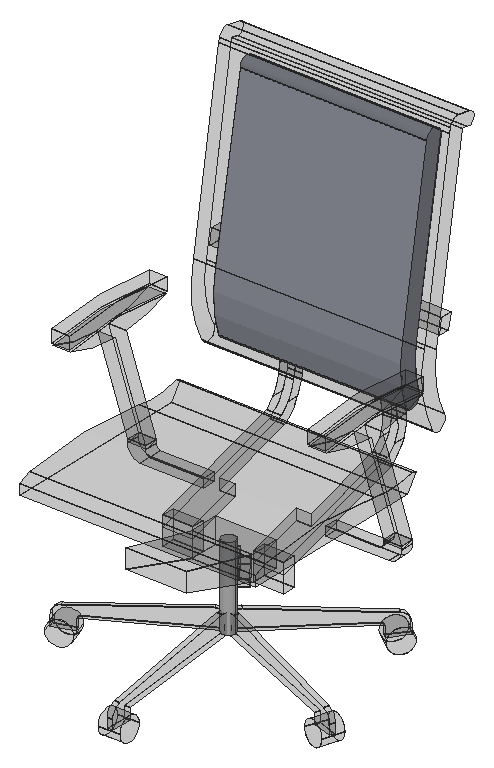
Revit family
Parameters (values of type "지하4층 지휘통제실 의자")
  Assembly Code = ""
  알루미늄 = 알루미늄
  베이스/Armd 재료 = 플라스틱 - 검은색
  캐스터 재료 = 플라스틱 - 검은색
  좌석/뒷면 재료 = 직물 - 슬레이트
  바닥 [instance] = 130.00 mm
Reference planes
  plane 1 "중심(앞/뒤)": y = 147.9
  plane 2: z = 0
  plane 3: y = 490.8
  plane 4: y = -195
  plane 5: through (0, -131.752, -23.231) normal (0, -0.9848, -0.1736)
Forms (mm)
  Extrusion 1, solid, material "플라스틱 - 검은색" <- "베이스/Armd 재료"
    sketch origin (249.309, 166.846, 0.216) x (0, 1, 0) y (0, 0, 1)
      loop
        line (-38.48, 275.253) -> (-227.688, 322.427) -> (-227.688, 277.631) -> (-36.347, 215.461) -> (31.079, 215.461) -> (31.079, 275.253) -> (-38.48, 275.253)
    from -20 to 121.6
  Extrusion 2, solid, material "플라스틱 - 검은색" <- "캐스터 재료"
    sketch origin (300.109, 166.846, 0) x (0, -1, 0) y (0, 0, 1)
      loop
        circle (336.446, 28.184) r 28.2
    from 25.4 to -25.4
  Extrusion 3, solid, material "플라스틱 - 검은색" <- "베이스/Armd 재료"
    sketch origin (282.09, 153.755, 0.216) x (0.951057, -0.309017, 0) y (0, 0, 1)
      loop
        line (18.946, 84.285) -> (311.046, 53.584) -> (311.046, 28.184) -> (361.846, 28.184) -> (361.846, 52.487)
        arc (361.846, 52.487) -> (355.903, 68.813) -> (340.857, 77.501) r 25.4
        line (340.857, 77.501) -> (44.346, 129.784) -> (18.946, 129.784) -> (18.946, 84.285)
    from 6.35 to -6.35
  Extrusion 4, solid, material "플라스틱 - 검은색" <- "캐스터 재료"
    sketch origin (282.09, 153.755, 0.216) x (0.951057, -0.309017, 0) y (0, 0, 1)
      loop
        circle (336.446, 28.184) r 28.2
    from 25.4 to -25.4
  Extrusion 5, solid, material "플라스틱 - 검은색" <- "캐스터 재료"
    sketch origin (288.972, 132.573, 0.216) x (0.587785, 0.809017, 0) y (0, 0, 1)
      loop
        circle (336.446, 28.184) r 28.2
    from 25.4 to -25.4
  Extrusion 6, solid, material "플라스틱 - 검은색" <- "캐스터 재료"
    sketch origin (311.245, 132.573, 0.216) x (-0.587785, 0.809017, 0) y (0, 0, 1)
      loop
        circle (336.446, 28.184) r 28.2
    from 25.4 to -25.4
  Extrusion 7, solid, material "플라스틱 - 검은색" <- "캐스터 재료"
    sketch origin (318.127, 153.755, 0.216) x (-0.951057, -0.309017, 0) y (0, 0, 1)
      loop
        circle (336.446, 28.184) r 28.2
    from 25.4 to -25.4
  Extrusion 8, solid, material "알루미늄" <- "알루미늄"
    sketch origin (441.099, 166.846, 0) x (-1, 0, 0) y (0, -1, 0)
      loop
        circle (140.991, 18.946) r 15.4
    from 84.285 to 275.253
  Extrusion 9, solid, material "플라스틱 - 검은색" <- "베이스/Armd 재료"
    sketch origin (318.127, 153.755, 0.216) x (-0.951057, -0.309017, 0) y (0, 0, -1)
      loop
        line (18.946, -84.285) -> (18.946, -129.784) -> (44.346, -129.784) -> (340.857, -77.501)
        arc (340.857, -77.501) -> (355.903, -68.813) -> (361.846, -52.487) r 25.4
        line (361.846, -52.487) -> (361.846, -28.184) -> (311.046, -28.184) -> (311.046, -53.584) -> (18.946, -84.285)
    from 6.35 to -6.35
  Extrusion 10, solid, material "플라스틱 - 검은색" <- "베이스/Armd 재료"
    sketch origin (288.972, 132.573, 0.216) x (0.587785, 0.809017, 0) y (0, 0, 1)
      loop
        line (18.946, 84.285) -> (311.046, 53.584) -> (311.046, 28.184) -> (361.846, 28.184) -> (361.846, 52.487)
        arc (361.846, 52.487) -> (355.903, 68.813) -> (340.857, 77.501) r 25.4
        line (340.857, 77.501) -> (44.346, 129.784) -> (18.946, 129.784) -> (18.946, 84.285)
    from 6.35 to -6.35
  Extrusion 11, solid, material "플라스틱 - 검은색" <- "베이스/Armd 재료"
    sketch origin (311.245, 132.573, 0.216) x (-0.587785, 0.809017, 0) y (0, 0, -1)
      loop
        line (18.946, -84.285) -> (18.946, -129.784) -> (44.346, -129.784) -> (340.857, -77.501)
        arc (340.857, -77.501) -> (355.903, -68.813) -> (361.846, -52.487) r 25.4
        line (361.846, -52.487) -> (361.846, -28.184) -> (311.046, -28.184) -> (311.046, -53.584) -> (18.946, -84.285)
    from 6.35 to -6.35
  Extrusion 12, solid, material "플라스틱 - 검은색" <- "베이스/Armd 재료"
    sketch origin (300.109, 166.846, 0.216) x (0, -1, 0) y (0, 0, 1)
      loop
        line (18.946, 84.285) -> (311.046, 53.584) -> (311.046, 28.184) -> (361.846, 28.184) -> (361.846, 52.487)
        arc (361.846, 52.487) -> (355.903, 68.813) -> (340.857, 77.501) r 25.4
        line (340.857, 77.501) -> (44.346, 129.784) -> (18.946, 129.784) -> (18.946, 84.285)
    from 6.35 to -6.35
  Extrusion 13, solid, material "플라스틱 - 검은색" <- "베이스/Armd 재료"
    sketch origin (27.059, 224.1, 546.316) x (0, -1, 0) y (0, 0, -1)
      loop
        line (339.15, 162.316) -> (-100.85, 162.316) -> (-126.661, 125.455)
        arc (-126.661, 125.455) -> (-18.522, 98.743) -> (92.431, 88.9) r 725.52
        arc (92.431, 88.9) -> (218.241, 100.275) -> (339.15, 136.857) r 621.433
        line (339.15, 136.857) -> (339.15, 162.316)
    from 546.1 to 0
  Extrusion 14, void
    sketch origin (617.609, 224.1, 546.316) x (0, 1, 0) y (0, 0, -1)
      loop
        arc (-92.431, 88.9) -> (12.719, 97.799) -> (115.465, 121.857) r 725.52
        arc (115.465, 121.857) -> (60.578, 129.513) -> (5.305, 125.496) r 262.954
        arc (5.305, 125.496) -> (-152.292, 111.423) -> (-309.889, 125.496) r 889.443
        arc (-309.889, 125.496) -> (-202.797, 97.475) -> (-92.431, 88.9) r 621.433
    from 590.55 to 44.45
  Extrusion 15, solid, material "플라스틱 - 검은색" <- "베이스/Armd 재료"
    sketch origin (370.909, 166.846, 0.216) x (0, 1, 0) y (0, 0, 1)
      loop
        line (-34.346, 255.253) -> (276.508, 344.389)
        arc (276.508, 344.389) -> (311.299, 381.051) -> (323.954, 429.984) r 100.932
        line (323.954, 429.984) -> (323.954, 697.2) -> (264.011, 697.2) -> (259.602, 672.2) -> (298.954, 672.2) -> (298.954, 429.984)
        arc (298.954, 429.984) -> (290.211, 394.609) -> (265.994, 367.381) r 75.932
        line (265.994, 367.381) -> (-34.346, 281.26) -> (-34.346, 255.253)
    from 70 to 0
  Extrusion 16, void
    sketch origin (229.309, 490.8, 430.201) x (0, 0, 1) y (1, 0, 0)
      loop
        line (267.216, -70) -> (267.216, -35) -> (148.005, -35)
        arc (148.005, -35) -> (118.364, -39.758) -> (89.463, -47.881) r 261.606
        arc (89.463, -47.881) -> (24.251, -64.432) -> (-42.798, -70) r 406.493
        line (-42.798, -70) -> (267.216, -70)
      loop
        line (-174.731, 0) -> (-174.731, -35) -> (-42.798, -35)
        arc (-42.798, -35) -> (18.478, -29.912) -> (78.075, -14.786) r 371.493
        arc (78.075, -14.786) -> (111.74, -5.38) -> (146.279, 0) r 296.606
        line (146.279, 0) -> (-174.731, 0)
    from 19.654 to -235.021
  Extrusion 17, solid, material "플라스틱 - 검은색" <- "베이스/Armd 재료"
    sketch origin (229.309, 166.846, 0.216) x (0, 1, 0) y (0, 0, -1)
      loop
        line (-34.346, -255.253) -> (-34.346, -281.26) -> (265.994, -367.381)
        arc (265.994, -367.381) -> (290.211, -394.609) -> (298.954, -429.984) r 75.932
        line (298.954, -429.984) -> (298.954, -672.2) -> (254.375, -672.2) -> (258.784, -697.2) -> (323.954, -697.2) -> (323.954, -429.984)
        arc (323.954, -429.984) -> (311.299, -381.051) -> (276.508, -344.389) r 100.932
        line (276.508, -344.389) -> (-34.346, -255.253)
    from 70 to 0
  Extrusion 18, void
    sketch origin (370.909, 490.8, 430.201) x (0, 0, 1) y (1, 0, 0)
      loop
        line (267.216, 70) -> (-42.798, 70)
        arc (-42.798, 70) -> (24.251, 64.432) -> (89.463, 47.881) r 406.493
        arc (89.463, 47.881) -> (118.364, 39.758) -> (148.005, 35) r 261.606
        line (148.005, 35) -> (267.216, 35) -> (267.216, 70)
      loop
        line (-174.731, 0) -> (146.279, 0)
        arc (146.279, 0) -> (111.74, 5.38) -> (78.075, 14.786) r 296.606
        arc (78.075, 14.786) -> (18.478, 29.912) -> (-42.798, 35) r 371.493
        line (-42.798, 35) -> (-174.731, 35) -> (-174.731, 0)
    from 19.654 to -235.021
  Extrusion 19, solid, material "플라스틱 - 검은색" <- "베이스/Armd 재료"
    sketch origin (370.909, 166.846, 0.216) x (0, 1, 0) y (0, 0, 1)
      loop
        line (-34.346, 281.26) -> (-34.346, 215.461) -> (-2.634, 215.461) -> (-2.634, 281.26) -> (-34.346, 281.26)
    from 70 to 0
  Extrusion 20, solid, material "플라스틱 - 검은색" <- "베이스/Armd 재료"
    sketch origin (229.309, 166.846, 0.216) x (0, 1, 0) y (0, 0, -1)
      loop
        line (-34.346, -281.26) -> (-2.634, -281.26) -> (-2.634, -215.461) -> (-34.346, -215.461) -> (-34.346, -281.26)
    from 70 to 0
  Extrusion 21, solid, material "플라스틱 - 검은색" <- "베이스/Armd 재료"
    sketch origin (617.609, 351.1, 659.225) x (0, -1, 0) y (0, 0, -1)
      loop
        arc (35.477, 10.435) -> (176.6, -2.247) -> (317.723, 10.435) r 791.576
        line (317.723, 10.435) -> (317.723, 40.943)
        arc (317.723, 40.943) -> (176.6, 27.753) -> (35.477, 40.943) r 761.576
        line (35.477, 40.943) -> (35.477, 10.435)
      loop
        line (67.346, 334.377) -> (154.306, 71.085)
        arc (154.306, 71.085) -> (94.381, 63.02) -> (36.403, 45.856) r 392.945
        arc (36.403, 45.856) -> (176.6, 32.753) -> (316.797, 45.856) r 756.576
        arc (316.797, 45.856) -> (252.364, 64.344) -> (185.726, 71.612) r 392.945
        line (185.726, 71.612) -> (96.207, 342.652) -> (67.346, 334.377)
    from 0 to -41.659
  Extrusion 22, solid, material "플라스틱 - 검은색" <- "베이스/Armd 재료"
    sketch origin (-17.391, 351.1, 659.225) x (0, -1, 0) y (0, 0, 1)
      loop
        line (35.477, -10.435) -> (35.477, -40.943)
        arc (35.477, -40.943) -> (176.6, -27.753) -> (317.723, -40.943) r 761.576
        line (317.723, -40.943) -> (317.723, -10.435)
        arc (317.723, -10.435) -> (176.6, 2.247) -> (35.477, -10.435) r 791.576
      loop
        line (67.346, -334.377) -> (96.207, -342.652) -> (185.726, -71.612)
        arc (185.726, -71.612) -> (252.364, -64.344) -> (316.797, -45.856) r 392.945
        arc (316.797, -45.856) -> (176.6, -32.753) -> (36.403, -45.856) r 756.576
        arc (36.403, -45.856) -> (94.381, -63.02) -> (154.306, -71.085) r 392.945
        line (154.306, -71.085) -> (67.346, -334.377)
    from 0 to -41.659
  Extrusion 23, solid, material "플라스틱 - 검은색" <- "베이스/Armd 재료"
    sketch origin (229.309, 164.212, 281.477) x (0, 0, -1) y (-1, 0, 0)
      loop
        line (-2.532, 70) -> (-2.532, 217.546)
        arc (-2.532, 217.546) -> (-13.242, 238.347) -> (-35.096, 246.7) r 32.763
        line (-35.096, 246.7) -> (-43.371, 246.7) -> (-43.371, 205.041) -> (-35.096, 205.041)
        arc (-35.096, 205.041) -> (-27.452, 202.179) -> (-23.569, 195) r 11.636
        line (-23.569, 195) -> (-23.569, 70) -> (-2.532, 70)
    from 119.589 to 87.926
  Extrusion 24, solid, material "플라스틱 - 검은색" <- "베이스/Armd 재료"
    sketch origin (370.909, 164.212, 281.477) x (0, 0, -1) y (-1, 0, 0)
      loop
        line (-2.532, -70) -> (-23.569, -70) -> (-23.569, -195)
        arc (-23.569, -195) -> (-27.452, -202.179) -> (-35.096, -205.041) r 11.636
        line (-35.096, -205.041) -> (-43.371, -205.041) -> (-43.371, -246.7) -> (-35.096, -246.7)
        arc (-35.096, -246.7) -> (-13.242, -238.347) -> (-2.532, -217.546) r 32.763
        line (-2.532, -217.546) -> (-2.532, -70)
    from 119.589 to 87.926
  Extrusion 25, solid, material "플라스틱 - 검은색" <- "베이스/Armd 재료"
    sketch origin (370.909, 166.846, 0.216) x (0, 1, 0) y (0, 0, 1)
      loop
        arc (313.148, 1102.747) -> (297.687, 1099.164) -> (288.67, 1086.102) r 21.978
        line (288.67, 1086.102) -> (286.887, 1075.99)
        arc (286.887, 1075.99) -> (255.665, 866.964) -> (213.513, 659.865) r 4024.658
        arc (213.513, 659.865) -> (209.257, 567.973) -> (237.779, 480.515) r 255.835
        arc (237.779, 480.515) -> (264.887, 472.444) -> (272.958, 499.553) r 20
        arc (272.958, 499.553) -> (249.546, 568.877) -> (250.641, 642.041) r 215.835
        arc (250.641, 642.041) -> (297.694, 853.952) -> (324.408, 1069.374) r 2283.079
        line (324.408, 1069.374) -> (340.469, 1066.315)
        arc (340.469, 1066.315) -> (358.406, 1078.512) -> (346.209, 1096.45) r 15.338
        line (346.209, 1096.45) -> (313.148, 1102.747)
    from 196.7 to -338.3
  Extrusion 26, void
    sketch origin (567.609, 166.846, 0.216) x (0, -1, 0) y (0, 0, 1)
      loop
        arc (-283.033, 1045.527) -> (-304.261, 1062.57) -> (-322.169, 1042.067) r 19.661
        arc (-322.169, 1042.067) -> (-295.323, 840.459) -> (-250.641, 642.041) r 2283.079
        arc (-250.641, 642.041) -> (-247.485, 587.033) -> (-258.36, 533.019) r 215.835
        arc (-258.36, 533.019) -> (-246.324, 509.151) -> (-221.163, 518.178) r 20.175
        arc (-221.163, 518.178) -> (-207.319, 588.481) -> (-213.513, 659.865) r 255.835
        arc (-213.513, 659.865) -> (-252.97, 851.849) -> (-283.033, 1045.527) r 4024.658
    from 482.201 to 49.852
  Extrusion 27, solid, material "직물 - 슬레이트" <- "좌석/뒷면 재료"
    sketch origin (567.609, 166.846, 0.216) x (0, 1, 0) y (0, 0, 1)
      loop
        arc (283.033, 1045.527) -> (252.97, 851.849) -> (213.513, 659.865) r 4024.658
        arc (213.513, 659.865) -> (207.319, 588.481) -> (221.163, 518.178) r 255.835
        arc (221.163, 518.178) -> (246.324, 509.151) -> (258.36, 533.019) r 20.175
        arc (258.36, 533.019) -> (247.485, 587.033) -> (250.641, 642.041) r 215.835
        arc (250.641, 642.041) -> (295.323, 840.459) -> (322.169, 1042.067) r 2283.079
        arc (322.169, 1042.067) -> (304.261, 1062.57) -> (283.033, 1045.527) r 19.661
    from -49.852 to -482.201
  Extrusion 28, solid, material "플라스틱 - 검은색" <- "베이스/Armd 재료"
    sketch origin (567.609, 166.846, 0.216) x (0, 1, 0) y (0, 0, 1)
      loop
        line (292.86, 702.2) -> (264.892, 702.2) -> (258.788, 667.58) -> (284.348, 667.58) -> (292.86, 702.2)
    from 0 to -533.3
  Extrusion 29, solid, material "플라스틱 - 검은색" <- "베이스/Armd 재료", not visible
    sketch origin (249.309, 166.846, 0) x (0, 1, 0) y (0, 0, 1)
      loop
        line (-38.48, 275.253) -> (-227.688, 322.427) -> (-227.688, 277.631) -> (-36.347, 215.461) -> (31.079, 215.461) -> (31.079, 275.253) -> (-38.48, 275.253)
    from -20 to 121.6
  Extrusion 30, solid, material "플라스틱 - 검은색" <- "캐스터 재료", not visible
    sketch origin (300.109, 166.846, -0.216) x (0, -1, 0) y (0, 0, 1)
      loop
        circle (336.446, 28.184) r 28.2
    from 25.4 to -25.4
  Extrusion 31, solid, material "플라스틱 - 검은색" <- "베이스/Armd 재료", not visible
    sketch origin (282.09, 153.755, 0) x (0.951057, -0.309017, 0) y (0, 0, 1)
      loop
        line (18.946, 84.285) -> (311.046, 53.584) -> (311.046, 28.184) -> (361.846, 28.184) -> (361.846, 52.487)
        arc (361.846, 52.487) -> (355.903, 68.813) -> (340.857, 77.501) r 25.4
        line (340.857, 77.501) -> (44.346, 129.784) -> (18.946, 129.784) -> (18.946, 84.285)
    from 6.35 to -6.35
  Extrusion 32, solid, material "플라스틱 - 검은색" <- "캐스터 재료", not visible
    sketch origin (282.09, 153.755, 0) x (0.951057, -0.309017, 0) y (0, 0, 1)
      loop
        circle (336.446, 28.184) r 28.2
    from 25.4 to -25.4
  Extrusion 33, solid, material "플라스틱 - 검은색" <- "캐스터 재료", not visible
    sketch origin (288.972, 132.573, 0) x (0.587785, 0.809017, 0) y (0, 0, 1)
      loop
        circle (336.446, 28.184) r 28.2
    from 25.4 to -25.4
  Extrusion 34, solid, material "플라스틱 - 검은색" <- "캐스터 재료", not visible
    sketch origin (311.245, 132.573, 0) x (-0.587785, 0.809017, 0) y (0, 0, 1)
      loop
        circle (336.446, 28.184) r 28.2
    from 25.4 to -25.4
  Extrusion 35, solid, material "플라스틱 - 검은색" <- "캐스터 재료", not visible
    sketch origin (318.127, 153.755, 0) x (-0.951057, -0.309017, 0) y (0, 0, 1)
      loop
        circle (336.446, 28.184) r 28.2
    from 25.4 to -25.4
  Extrusion 36, solid, material "알루미늄" <- "알루미늄", not visible
    sketch origin (441.099, 166.846, -0.216) x (-1, 0, 0) y (0, -1, 0)
      loop
        circle (140.991, 18.946) r 15.4
    from 84.285 to 275.253
  Extrusion 37, solid, material "플라스틱 - 검은색" <- "베이스/Armd 재료", not visible
    sketch origin (318.127, 153.755, 0) x (-0.951057, -0.309017, 0) y (0, 0, -1)
      loop
        line (18.946, -84.285) -> (18.946, -129.784) -> (44.346, -129.784) -> (340.857, -77.501)
        arc (340.857, -77.501) -> (355.903, -68.813) -> (361.846, -52.487) r 25.4
        line (361.846, -52.487) -> (361.846, -28.184) -> (311.046, -28.184) -> (311.046, -53.584) -> (18.946, -84.285)
    from 6.35 to -6.35
  Extrusion 38, solid, material "플라스틱 - 검은색" <- "베이스/Armd 재료", not visible
    sketch origin (288.972, 132.573, 0) x (0.587785, 0.809017, 0) y (0, 0, 1)
      loop
        line (18.946, 84.285) -> (311.046, 53.584) -> (311.046, 28.184) -> (361.846, 28.184) -> (361.846, 52.487)
        arc (361.846, 52.487) -> (355.903, 68.813) -> (340.857, 77.501) r 25.4
        line (340.857, 77.501) -> (44.346, 129.784) -> (18.946, 129.784) -> (18.946, 84.285)
    from 6.35 to -6.35
  Extrusion 39, solid, material "플라스틱 - 검은색" <- "베이스/Armd 재료", not visible
    sketch origin (311.245, 132.573, 0) x (-0.587785, 0.809017, 0) y (0, 0, -1)
      loop
        line (18.946, -84.285) -> (18.946, -129.784) -> (44.346, -129.784) -> (340.857, -77.501)
        arc (340.857, -77.501) -> (355.903, -68.813) -> (361.846, -52.487) r 25.4
        line (361.846, -52.487) -> (361.846, -28.184) -> (311.046, -28.184) -> (311.046, -53.584) -> (18.946, -84.285)
    from 6.35 to -6.35
  Extrusion 40, solid, material "플라스틱 - 검은색" <- "베이스/Armd 재료", not visible
    sketch origin (300.109, 166.846, 0) x (0, -1, 0) y (0, 0, 1)
      loop
        line (18.946, 84.285) -> (311.046, 53.584) -> (311.046, 28.184) -> (361.846, 28.184) -> (361.846, 52.487)
        arc (361.846, 52.487) -> (355.903, 68.813) -> (340.857, 77.501) r 25.4
        line (340.857, 77.501) -> (44.346, 129.784) -> (18.946, 129.784) -> (18.946, 84.285)
    from 6.35 to -6.35
  Extrusion 41, solid, material "플라스틱 - 검은색" <- "베이스/Armd 재료", not visible
    sketch origin (27.059, 224.1, 546.1) x (0, -1, 0) y (0, 0, -1)
      loop
        line (339.15, 162.316) -> (-100.85, 162.316) -> (-126.661, 125.455)
        arc (-126.661, 125.455) -> (-18.522, 98.743) -> (92.431, 88.9) r 725.52
        arc (92.431, 88.9) -> (218.241, 100.275) -> (339.15, 136.857) r 621.433
        line (339.15, 136.857) -> (339.15, 162.316)
    from 546.1 to 0
  Extrusion 42, void, not visible
    sketch origin (617.609, 224.1, 546.1) x (0, 1, 0) y (0, 0, -1)
      loop
        arc (-92.431, 88.9) -> (12.719, 97.799) -> (115.465, 121.857) r 725.52
        arc (115.465, 121.857) -> (60.578, 129.513) -> (5.305, 125.496) r 262.954
        arc (5.305, 125.496) -> (-152.292, 111.423) -> (-309.889, 125.496) r 889.443
        arc (-309.889, 125.496) -> (-202.797, 97.475) -> (-92.431, 88.9) r 621.433
    from 590.55 to 44.45
  Extrusion 43, solid, material "플라스틱 - 검은색" <- "베이스/Armd 재료", not visible
    sketch origin (370.909, 166.846, 0) x (0, 1, 0) y (0, 0, 1)
      loop
        line (-34.346, 255.253) -> (276.508, 344.389)
        arc (276.508, 344.389) -> (311.299, 381.051) -> (323.954, 429.984) r 100.932
        line (323.954, 429.984) -> (323.954, 697.2) -> (264.011, 697.2) -> (259.602, 672.2) -> (298.954, 672.2) -> (298.954, 429.984)
        arc (298.954, 429.984) -> (290.211, 394.609) -> (265.994, 367.381) r 75.932
        line (265.994, 367.381) -> (-34.346, 281.26) -> (-34.346, 255.253)
    from 70 to 0
  Extrusion 44, void, not visible
    sketch origin (229.309, 490.8, 429.984) x (0, 0, 1) y (1, 0, 0)
      loop
        line (267.216, -70) -> (267.216, -35) -> (148.005, -35)
        arc (148.005, -35) -> (118.364, -39.758) -> (89.463, -47.881) r 261.606
        arc (89.463, -47.881) -> (24.251, -64.432) -> (-42.798, -70) r 406.493
        line (-42.798, -70) -> (267.216, -70)
      loop
        line (-174.731, 0) -> (-174.731, -35) -> (-42.798, -35)
        arc (-42.798, -35) -> (18.478, -29.912) -> (78.075, -14.786) r 371.493
        arc (78.075, -14.786) -> (111.74, -5.38) -> (146.279, 0) r 296.606
        line (146.279, 0) -> (-174.731, 0)
    from 19.654 to -235.021
  Extrusion 45, solid, material "플라스틱 - 검은색" <- "베이스/Armd 재료", not visible
    sketch origin (229.309, 166.846, 0) x (0, 1, 0) y (0, 0, -1)
      loop
        line (-34.346, -255.253) -> (-34.346, -281.26) -> (265.994, -367.381)
        arc (265.994, -367.381) -> (290.211, -394.609) -> (298.954, -429.984) r 75.932
        line (298.954, -429.984) -> (298.954, -672.2) -> (254.375, -672.2) -> (258.784, -697.2) -> (323.954, -697.2) -> (323.954, -429.984)
        arc (323.954, -429.984) -> (311.299, -381.051) -> (276.508, -344.389) r 100.932
        line (276.508, -344.389) -> (-34.346, -255.253)
    from 70 to 0
  Extrusion 46, void, not visible
    sketch origin (370.909, 490.8, 429.984) x (0, 0, 1) y (1, 0, 0)
      loop
        line (267.216, 70) -> (-42.798, 70)
        arc (-42.798, 70) -> (24.251, 64.432) -> (89.463, 47.881) r 406.493
        arc (89.463, 47.881) -> (118.364, 39.758) -> (148.005, 35) r 261.606
        line (148.005, 35) -> (267.216, 35) -> (267.216, 70)
      loop
        line (-174.731, 0) -> (146.279, 0)
        arc (146.279, 0) -> (111.74, 5.38) -> (78.075, 14.786) r 296.606
        arc (78.075, 14.786) -> (18.478, 29.912) -> (-42.798, 35) r 371.493
        line (-42.798, 35) -> (-174.731, 35) -> (-174.731, 0)
    from 19.654 to -235.021
  Extrusion 47, solid, material "플라스틱 - 검은색" <- "베이스/Armd 재료", not visible
    sketch origin (370.909, 166.846, 0) x (0, 1, 0) y (0, 0, 1)
      loop
        line (-34.346, 281.26) -> (-34.346, 215.461) -> (-2.634, 215.461) -> (-2.634, 281.26) -> (-34.346, 281.26)
    from 70 to 0
  Extrusion 48, solid, material "플라스틱 - 검은색" <- "베이스/Armd 재료", not visible
    sketch origin (229.309, 166.846, 0) x (0, 1, 0) y (0, 0, -1)
      loop
        line (-34.346, -281.26) -> (-2.634, -281.26) -> (-2.634, -215.461) -> (-34.346, -215.461) -> (-34.346, -281.26)
    from 70 to 0
  Extrusion 49, solid, material "플라스틱 - 검은색" <- "베이스/Armd 재료", not visible
    sketch origin (617.609, 351.1, 659.008) x (0, -1, 0) y (0, 0, -1)
      loop
        arc (35.477, 10.435) -> (176.6, -2.247) -> (317.723, 10.435) r 791.576
        line (317.723, 10.435) -> (317.723, 40.943)
        arc (317.723, 40.943) -> (176.6, 27.753) -> (35.477, 40.943) r 761.576
        line (35.477, 40.943) -> (35.477, 10.435)
      loop
        line (67.346, 334.377) -> (154.306, 71.085)
        arc (154.306, 71.085) -> (94.381, 63.02) -> (36.403, 45.856) r 392.945
        arc (36.403, 45.856) -> (176.6, 32.753) -> (316.797, 45.856) r 756.576
        arc (316.797, 45.856) -> (252.364, 64.344) -> (185.726, 71.612) r 392.945
        line (185.726, 71.612) -> (96.207, 342.652) -> (67.346, 334.377)
    from 0 to -41.659
  Extrusion 50, solid, material "플라스틱 - 검은색" <- "베이스/Armd 재료", not visible
    sketch origin (-17.391, 351.1, 659.008) x (0, -1, 0) y (0, 0, 1)
      loop
        line (35.477, -10.435) -> (35.477, -40.943)
        arc (35.477, -40.943) -> (176.6, -27.753) -> (317.723, -40.943) r 761.576
        line (317.723, -40.943) -> (317.723, -10.435)
        arc (317.723, -10.435) -> (176.6, 2.247) -> (35.477, -10.435) r 791.576
      loop
        line (67.346, -334.377) -> (96.207, -342.652) -> (185.726, -71.612)
        arc (185.726, -71.612) -> (252.364, -64.344) -> (316.797, -45.856) r 392.945
        arc (316.797, -45.856) -> (176.6, -32.753) -> (36.403, -45.856) r 756.576
        arc (36.403, -45.856) -> (94.381, -63.02) -> (154.306, -71.085) r 392.945
        line (154.306, -71.085) -> (67.346, -334.377)
    from 0 to -41.659
  Extrusion 51, solid, material "플라스틱 - 검은색" <- "베이스/Armd 재료", not visible
    sketch origin (229.309, 164.212, 281.26) x (0, 0, -1) y (-1, 0, 0)
      loop
        line (-2.532, 70) -> (-2.532, 217.546)
        arc (-2.532, 217.546) -> (-13.242, 238.347) -> (-35.096, 246.7) r 32.763
        line (-35.096, 246.7) -> (-43.371, 246.7) -> (-43.371, 205.041) -> (-35.096, 205.041)
        arc (-35.096, 205.041) -> (-27.452, 202.179) -> (-23.569, 195) r 11.636
        line (-23.569, 195) -> (-23.569, 70) -> (-2.532, 70)
    from 119.589 to 87.926
  Extrusion 52, solid, material "플라스틱 - 검은색" <- "베이스/Armd 재료", not visible
    sketch origin (370.909, 164.212, 281.26) x (0, 0, -1) y (-1, 0, 0)
      loop
        line (-2.532, -70) -> (-23.569, -70) -> (-23.569, -195)
        arc (-23.569, -195) -> (-27.452, -202.179) -> (-35.096, -205.041) r 11.636
        line (-35.096, -205.041) -> (-43.371, -205.041) -> (-43.371, -246.7) -> (-35.096, -246.7)
        arc (-35.096, -246.7) -> (-13.242, -238.347) -> (-2.532, -217.546) r 32.763
        line (-2.532, -217.546) -> (-2.532, -70)
    from 119.589 to 87.926
  Extrusion 53, solid, material "플라스틱 - 검은색" <- "베이스/Armd 재료", not visible
    sketch origin (370.909, 166.846, 0) x (0, 1, 0) y (0, 0, 1)
      loop
        arc (313.148, 1102.747) -> (297.687, 1099.164) -> (288.67, 1086.102) r 21.978
        line (288.67, 1086.102) -> (286.887, 1075.99)
        arc (286.887, 1075.99) -> (255.665, 866.964) -> (213.513, 659.865) r 4024.658
        arc (213.513, 659.865) -> (209.257, 567.973) -> (237.779, 480.515) r 255.835
        arc (237.779, 480.515) -> (264.887, 472.444) -> (272.958, 499.553) r 20
        arc (272.958, 499.553) -> (249.546, 568.877) -> (250.641, 642.041) r 215.835
        arc (250.641, 642.041) -> (297.694, 853.952) -> (324.408, 1069.374) r 2283.079
        line (324.408, 1069.374) -> (340.469, 1066.315)
        arc (340.469, 1066.315) -> (358.406, 1078.512) -> (346.209, 1096.45) r 15.338
        line (346.209, 1096.45) -> (313.148, 1102.747)
    from 196.7 to -338.3
  Extrusion 54, void, not visible
    sketch origin (567.609, 166.846, 0) x (0, -1, 0) y (0, 0, 1)
      loop
        arc (-283.033, 1045.527) -> (-304.261, 1062.57) -> (-322.169, 1042.067) r 19.661
        arc (-322.169, 1042.067) -> (-295.323, 840.459) -> (-250.641, 642.041) r 2283.079
        arc (-250.641, 642.041) -> (-247.485, 587.033) -> (-258.36, 533.019) r 215.835
        arc (-258.36, 533.019) -> (-246.324, 509.151) -> (-221.163, 518.178) r 20.175
        arc (-221.163, 518.178) -> (-207.319, 588.481) -> (-213.513, 659.865) r 255.835
        arc (-213.513, 659.865) -> (-252.97, 851.849) -> (-283.033, 1045.527) r 4024.658
    from 482.201 to 49.852
  Extrusion 55, solid, material "직물 - 슬레이트" <- "좌석/뒷면 재료", not visible
    sketch origin (567.609, 166.846, 0) x (0, 1, 0) y (0, 0, 1)
      loop
        arc (283.033, 1045.527) -> (252.97, 851.849) -> (213.513, 659.865) r 4024.658
        arc (213.513, 659.865) -> (207.319, 588.481) -> (221.163, 518.178) r 255.835
        arc (221.163, 518.178) -> (246.324, 509.151) -> (258.36, 533.019) r 20.175
        arc (258.36, 533.019) -> (247.485, 587.033) -> (250.641, 642.041) r 215.835
        arc (250.641, 642.041) -> (295.323, 840.459) -> (322.169, 1042.067) r 2283.079
        arc (322.169, 1042.067) -> (304.261, 1062.57) -> (283.033, 1045.527) r 19.661
    from -49.852 to -482.201
  Extrusion 56, solid, material "플라스틱 - 검은색" <- "베이스/Armd 재료", not visible
    sketch origin (567.609, 166.846, 0) x (0, 1, 0) y (0, 0, 1)
      loop
        line (292.86, 702.2) -> (264.892, 702.2) -> (258.788, 667.58) -> (284.348, 667.58) -> (292.86, 702.2)
    from 0 to -533.3
Cuts and joins
  Extrusion 14 cuts Extrusion 13
  Extrusion 16, Extrusion 18 cuts Extrusion 15
  Extrusion 16, Extrusion 18, Extrusion 26 cuts Extrusion 17
  Extrusion 26 cuts Extrusion 25
Lines and regions (mm)
  Masking region 1
    outline origin (441.099, 166.846, 457.2) x (0, 1, 0) y (-1, 0, 0)
      loop
        arc (-281.896, 20.341) -> (-238.961, -85.693) -> (-134.347, -131.982) r 152.4
        line (-134.347, -131.982) -> (-149.93, -179.941) -> (-101.616, -195.639) -> (-84.188, -141.999) -> (-114.778, -132.059) -> (66.234, -132.059)
        arc (66.234, -132.059) -> (106.481, -127.444) -> (144.639, -113.838) r 177.8
        arc (144.639, -113.838) -> (159.785, -122.487) -> (176.966, -125.488) r 50.678
        line (176.966, -125.488) -> (222.074, -125.488)
        arc (222.074, -125.488) -> (239.917, -118.097) -> (247.308, -100.255) r 25.233
        line (247.308, -100.255) -> (247.308, -83.85) -> (275.661, -41.658) -> (247.308, -21.058) -> (247.308, 303.039) -> (275.661, 323.639) -> (247.308, 362.665) -> (247.308, 382.224)
        arc (247.308, 382.224) -> (239.917, 400.067) -> (222.075, 407.458) r 25.233
        line (222.075, 407.458) -> (176.961, 407.458)
        arc (176.961, 407.458) -> (159.787, 404.459) -> (144.646, 395.817) r 50.674
        arc (144.646, 395.817) -> (106.485, 409.425) -> (66.234, 414.041) r 177.8
        line (66.234, 414.041) -> (-114.778, 414.041) -> (-84.188, 423.98) -> (-101.616, 477.62) -> (-149.93, 461.922) -> (-134.347, 413.964)
        arc (-134.347, 413.964) -> (-238.961, 367.675) -> (-281.896, 261.641) r 152.4
        line (-281.896, 261.641) -> (-281.896, 147.341) -> (-308.246, 147.341) -> (-308.246, 166.391) -> (-364.646, 166.391) -> (-364.646, 115.591) -> (-308.246, 115.591) -> (-308.246, 134.641) -> (-281.896, 134.641) -> (-281.896, 20.341)
      loop
        line (-68.354, -176.509) -> (184.254, -176.509) -> (184.254, -144.61) -> (-68.354, -144.61) -> (-68.354, -176.509)
      loop
        line (184.254, 458.491) -> (-68.354, 458.491) -> (-68.354, 426.167) -> (184.254, 426.167) -> (184.254, 458.491)
  symbolic lines
    curve 1: line (541.354, 414.154, 457.2) -> (58.875, 414.154, 457.2)
    curve 2: line (566.587, 388.921, 457.2) -> (566.587, 343.812, 457.2)
    curve 3: line (515.909, 293.134, 457.2) -> (84.315, 293.134, 457.2)
    curve 4: line (33.642, 388.921, 457.2) -> (33.642, 343.807, 457.2)
    curve 5: arc (515.909, 293.134, 457.2) -> (551.744, 307.977, 457.2) -> (566.587, 343.812, 457.2) r 50.678
    curve 6: arc (84.315, 293.134, 457.2) -> (48.484, 307.976, 457.2) -> (33.642, 343.807, 457.2) r 50.674
    curve 7: arc (566.587, 388.921, 457.2) -> (559.197, 406.763, 457.2) -> (541.354, 414.154, 457.2) r 25.233
    curve 8: arc (33.642, 388.921, 457.2) -> (41.032, 406.763, 457.2) -> (58.875, 414.154, 457.2) r 25.233
    curve 9: line (420.759, -115.05, 457.2) -> (179.459, -115.05, 457.2)
    curve 10: line (573.159, 37.35, 457.2) -> (573.159, 233.08, 457.2)
    curve 11: line (27.059, 37.35, 457.2) -> (27.059, 233.08, 457.2)
    curve 12: arc (420.759, -115.05, 457.2) -> (528.522, -70.413, 457.2) -> (573.159, 37.35, 457.2) r 152.4
    curve 13: arc (179.459, -115.05, 457.2) -> (71.696, -70.413, 457.2) -> (27.059, 37.35, 457.2) r 152.4
    curve 14: arc (27.059, 233.08, 457.2) -> (31.675, 273.331, 457.2) -> (45.283, 311.492, 457.2) r 177.8
    curve 15: arc (573.159, 233.08, 457.2) -> (568.544, 273.327, 457.2) -> (554.938, 311.485, 457.2) r 177.8
    curve 16: line (325.509, -197.8, 457.2) -> (274.709, -197.8, 457.2)
    curve 17: line (325.509, -197.8, 457.2) -> (325.509, -141.4, 457.2)
    curve 18: line (325.509, -141.4, 457.2) -> (274.709, -141.4, 457.2)
    curve 19: line (274.709, -197.8, 457.2) -> (274.709, -141.4, 457.2)
    curve 20: line (27.136, 32.499, 457.2) -> (-20.823, 16.916, 457.2)
    curve 21: line (-20.823, 16.916, 457.2) -> (-36.521, 65.23, 457.2)
    curve 22: line (-36.521, 65.23, 457.2) -> (17.119, 82.659, 457.2)
    curve 23: line (17.119, 82.659, 457.2) -> (27.059, 52.068, 457.2)
    curve 24: line (138.06, 414.154, 457.2) -> (117.46, 442.507, 457.2)
    curve 25: line (117.46, 442.507, 457.2) -> (78.435, 414.154, 457.2)
    curve 26: line (462.157, 414.154, 457.2) -> (482.757, 442.507, 457.2)
    curve 27: line (482.757, 442.507, 457.2) -> (524.949, 414.154, 457.2)
    curve 28: line (636.738, 65.23, 457.2) -> (621.04, 16.916, 457.2)
    curve 29: line (621.04, 16.916, 457.2) -> (573.081, 32.499, 457.2)
    curve 30: line (636.738, 65.23, 457.2) -> (583.098, 82.659, 457.2)
    curve 31: line (583.098, 82.659, 457.2) -> (573.159, 52.068, 457.2)
    curve 32: line (306.459, -141.4, 457.2) -> (293.759, -141.4, 457.2)
    curve 33: line (306.459, -141.4, 457.2) -> (306.459, -115.05, 457.2)
    curve 34: line (306.459, -115.05, 457.2) -> (293.759, -115.05, 457.2)
    curve 35: line (293.759, -141.4, 457.2) -> (293.759, -115.05, 457.2)
    curve 36: line (617.609, 98.492, 457.2) -> (585.71, 98.492, 457.2)
    curve 37: line (617.609, 98.492, 457.2) -> (617.609, 351.1, 457.2)
    curve 38: line (617.609, 351.1, 457.2) -> (585.71, 351.1, 457.2)
    curve 39: line (585.71, 98.492, 457.2) -> (585.71, 351.1, 457.2)
    curve 40: line (-17.391, 98.492, 457.2) -> (14.932, 98.492, 457.2)
    curve 41: line (-17.391, 98.492, 457.2) -> (-17.391, 351.1, 457.2)
    curve 42: line (-17.391, 351.1, 457.2) -> (14.932, 351.1, 457.2)
    curve 43: line (14.932, 98.492, 457.2) -> (14.932, 351.1, 457.2)
Dimensions and locks
  equal spacing: plane 3, plane 1 "중심(앞/뒤)", plane 4
  plane 3 to plane 4 = 685.80 mm
  "바닥": Extrusion 12 to plane 2
Automatic sketch dimensions
  Extrusion 1 sketch curve to Extrusion 1 sketch curve = 59.792 mm
  Extrusion 1 sketch curve to Extrusion 1 sketch curve = 44.796 mm
  Extrusion 3 sketch curve to Extrusion 3 sketch curve = 25.40 mm  (x4)
  Extrusion 3 sketch curve to Extrusion 3 sketch curve = 266.70 mm
  Extrusion 3 sketch curve to Extrusion 3 sketch curve = 4.411 mm
  Extrusion 3 sketch curve to Extrusion 3 sketch curve = 45.499 mm
  Extrusion 4 sketch curve to Extrusion 4 sketch curve = 28.20 mm
  Extrusion 5 sketch curve to Extrusion 5 sketch curve = 28.20 mm
  Extrusion 6 sketch curve to Extrusion 6 sketch curve = 28.20 mm
  Extrusion 7 sketch curve to Extrusion 7 sketch curve = 28.20 mm
  Extrusion 8 sketch curve to Extrusion 8 sketch curve = 15.40 mm
  Masking region 1 sketch curve to plane 4 = 2.80 mm
  plane 4 to Masking region 1 sketch curve = 53.60 mm
  Masking region 1 sketch curve to Masking region 1 sketch curve = 0.00 mm  (x3)
  plane 4 to Masking region 1 sketch curve = 79.95 mm
  Masking region 1 sketch curve to plane 1 "중심(앞/뒤)" = 130.984 mm  (x2)
  Masking region 1 sketch curve to Masking region 1 sketch curve = 15.583 mm  (x2)
  Masking region 1 sketch curve to Masking region 1 sketch curve = 19.569 mm  (x2)
  Masking region 1 sketch curve to Masking region 1 sketch curve = 15.833 mm  (x2)
  plane 1 "중심(앞/뒤)" to Masking region 1 sketch curve = 85.18 mm  (x2)
  Masking region 1 sketch curve to Masking region 1 sketch curve = 78.405 mm
  Masking region 1 sketch curve to Masking region 1 sketch curve = 78.412 mm
  Masking region 1 sketch curve to Masking region 1 sketch curve = 32.315 mm
  Masking region 1 sketch curve to Masking region 1 sketch curve = 32.327 mm
  Masking region 1 sketch curve to Masking region 1 sketch curve = 7.288 mm
  Masking region 1 sketch curve to Masking region 1 sketch curve = 7.293 mm
  Masking region 1 sketch curve to Masking region 1 sketch curve = 37.82 mm  (x2)
  Masking region 1 sketch curve to Masking region 1 sketch curve = 25.233 mm  (x2)
  Masking region 1 sketch curve to Masking region 1 sketch curve = 28.353 mm  (x2)
  Masking region 1 sketch curve to Masking region 1 sketch curve = 16.405 mm
  Masking region 1 sketch curve to Masking region 1 sketch curve = 42.192 mm
  Masking region 1 sketch curve to Masking region 1 sketch curve = 20.60 mm  (x2)
  Masking region 1 sketch curve to Masking region 1 sketch curve = 79.185 mm
  curve 27 to plane 3 = 48.293 mm
  curve 24 to plane 3 = 48.293 mm
  curve 26 to curve 26 = 28.353 mm
  curve 8 to curve 4 = 25.233 mm
  curve 7 to curve 7 = 25.233 mm
  curve 2 to curve 39 = 37.82 mm
  curve 8 to curve 41 = 37.82 mm
  curve 38 to curve 2 = 7.288 mm
  curve 42 to curve 6 = 7.293 mm
  curve 4 to curve 14 = 32.315 mm
  curve 14 to curve 14 = 78.412 mm
  curve 15 to curve 10 = 78.405 mm
  curve 39 to plane 1 "중심(앞/뒤)" = 49.408 mm
  curve 40 to plane 1 "중심(앞/뒤)" = 49.408 mm
  curve 36 to curve 31 = 15.833 mm
  curve 40 to curve 23 = 15.833 mm
  curve 36 to curve 28 = 33.262 mm
  curve 40 to curve 21 = 33.262 mm
  curve 23 to curve 11 = 14.718 mm
  curve 12 to plane 1 "중심(앞/뒤)" = 110.55 mm
  plane 4 to curve 34 = 79.95 mm
  curve 33 to curve 32 = 26.35 mm
  curve 18 to curve 32 = 0.00 mm
  curve 16 to plane 4 = 2.80 mm
  curve 1 to curve 25 = 19.56 mm
  curve 25 to curve 24 = 39.025 mm
  curve 32 to curve 18 = 19.05 mm
  curve 26 to curve 1 = 79.197 mm
  curve 26 to curve 27 = 20.60 mm
  curve 27 to curve 1 = 16.405 mm
  Extrusion 9 sketch curve to Extrusion 9 sketch curve = 25.40 mm  (x4)
  Extrusion 9 sketch curve to Extrusion 9 sketch curve = 266.70 mm
  Extrusion 9 sketch curve to Extrusion 9 sketch curve = 4.411 mm
  Extrusion 9 sketch curve to Extrusion 9 sketch curve = 45.499 mm
  Extrusion 10 sketch curve to Extrusion 10 sketch curve = 25.40 mm  (x4)
  Extrusion 10 sketch curve to Extrusion 10 sketch curve = 266.70 mm
  Extrusion 10 sketch curve to Extrusion 10 sketch curve = 4.411 mm
  Extrusion 10 sketch curve to Extrusion 10 sketch curve = 45.499 mm
  Extrusion 11 sketch curve to Extrusion 11 sketch curve = 25.40 mm  (x4)
  Extrusion 11 sketch curve to Extrusion 11 sketch curve = 266.70 mm
  Extrusion 11 sketch curve to Extrusion 11 sketch curve = 4.411 mm
  Extrusion 11 sketch curve to Extrusion 11 sketch curve = 45.499 mm
  Extrusion 12 sketch curve to Extrusion 12 sketch curve = 25.40 mm  (x4)
  Extrusion 12 sketch curve to Extrusion 12 sketch curve = 24.303 mm
  Extrusion 12 sketch curve to Extrusion 12 sketch curve = 45.499 mm
  Extrusion 13 sketch curve to Extrusion 13 sketch curve = 25.811 mm
  Extrusion 13 sketch curve to Extrusion 13 sketch curve = 1.212 mm
  Extrusion 14 sketch curve to Extrusion 14 sketch curve = 0.00 mm  (x2)
  Extrusion 15 sketch curve to Extrusion 15 sketch curve = 0.00 mm  (x2)
  Extrusion 15 sketch curve to Extrusion 1 = 20.00 mm
  Extrusion 15 sketch curve to Extrusion 1 = 65.425 mm
  Extrusion 1 to Extrusion 15 sketch curve = 191.942 mm
  Extrusion 1 to Extrusion 15 sketch curve = 228.523 mm
  Extrusion 15 sketch curve to Extrusion 15 sketch curve = 4.408 mm
  Extrusion 15 sketch curve to Extrusion 15 sketch curve = 42.972 mm
  Extrusion 15 sketch curve to Extrusion 15 sketch curve = 10.514 mm
  Extrusion 15 sketch curve to Extrusion 15 sketch curve = 39.352 mm
  Extrusion 15 sketch curve to Extrusion 15 sketch curve = 25.00 mm  (x2)
  Extrusion 1 to Extrusion 15 sketch curve = 6.007 mm
  Extrusion 1 to Extrusion 15 sketch curve = 69.136 mm
  Extrusion 15 sketch curve to Extrusion 15 sketch curve = 242.216 mm
  Extrusion 16 sketch curve to Extrusion 16 sketch curve = 0.00 mm  (x6)
  Extrusion 16 sketch curve to Extrusion 15 = 0.00 mm
  Extrusion 16 sketch curve to Extrusion 15 = 92.634 mm
  Extrusion 16 sketch curve to Extrusion 16 sketch curve = 119.211 mm
  Extrusion 16 sketch curve to Extrusion 16 sketch curve = 1.726 mm
  Extrusion 16 sketch curve to Extrusion 16 sketch curve = 58.542 mm
  Extrusion 16 sketch curve to Extrusion 16 sketch curve = 11.388 mm
  Extrusion 16 sketch curve to Extrusion 15 = 42.798 mm
  Extrusion 16 sketch curve to Extrusion 16 sketch curve = 131.934 mm
  Extrusion 16 sketch curve to Extrusion 15 = 436.853 mm
  Extrusion 15 to Extrusion 16 sketch curve = 281.60 mm
  Extrusion 17 sketch curve to Extrusion 17 sketch curve = 0.00 mm  (x4)
  Extrusion 17 sketch curve to Extrusion 17 sketch curve = 25.00 mm  (x2)
  Extrusion 17 sketch curve to Extrusion 17 sketch curve = 10.514 mm
  Extrusion 17 sketch curve to Extrusion 17 sketch curve = 40.17 mm
  Extrusion 17 sketch curve to Extrusion 17 sketch curve = 4.408 mm
  Extrusion 17 sketch curve to Extrusion 17 sketch curve = 42.972 mm
  Extrusion 17 sketch curve to Extrusion 17 sketch curve = 26.007 mm
  Extrusion 18 sketch curve to Extrusion 18 sketch curve = 0.00 mm  (x6)
  Extrusion 18 sketch curve to Extrusion 15 = 0.00 mm  (x3)
  Extrusion 18 sketch curve to Extrusion 15 = 92.634 mm
  Extrusion 15 to Extrusion 18 sketch curve = 35.00 mm
  Extrusion 18 sketch curve to Extrusion 18 sketch curve = 119.211 mm
  Extrusion 18 sketch curve to Extrusion 18 sketch curve = 1.726 mm
  Extrusion 15 to Extrusion 18 sketch curve = 22.119 mm
  Extrusion 18 sketch curve to Extrusion 18 sketch curve = 58.542 mm
  Extrusion 18 sketch curve to Extrusion 18 sketch curve = 131.934 mm
  Extrusion 19 sketch curve to Extrusion 1 = 0.00 mm
  Extrusion 19 sketch curve to Extrusion 1 = 65.425 mm
  Extrusion 19 sketch curve to Extrusion 19 sketch curve = 31.712 mm
  Extrusion 1 to Extrusion 19 sketch curve = 6.007 mm
  Extrusion 20 sketch curve to Extrusion 20 sketch curve = 65.799 mm
  Extrusion 21 sketch curve to Extrusion 21 sketch curve = 0.00 mm  (x14)
  Extrusion 21 sketch curve to Extrusion 21 sketch curve = 0.927 mm  (x2)
  Extrusion 21 sketch curve to Extrusion 21 sketch curve = 28.861 mm
  Extrusion 21 sketch curve to Extrusion 21 sketch curve = 30.508 mm
  Extrusion 21 sketch curve to Extrusion 21 sketch curve = 4.913 mm
  Extrusion 21 sketch curve to Extrusion 21 sketch curve = 8.276 mm
  Extrusion 22 sketch curve to Extrusion 22 sketch curve = 0.00 mm  (x14)
  Extrusion 22 sketch curve to Extrusion 22 sketch curve = 0.927 mm  (x2)
  Extrusion 22 sketch curve to Extrusion 22 sketch curve = 28.861 mm
  Extrusion 22 sketch curve to Extrusion 22 sketch curve = 8.276 mm
  Extrusion 22 sketch curve to Extrusion 22 sketch curve = 0.527 mm
  Extrusion 22 sketch curve to Extrusion 22 sketch curve = 4.913 mm
  Extrusion 22 sketch curve to Extrusion 22 sketch curve = 30.508 mm
  Extrusion 23 sketch curve to Extrusion 19 = 43.371 mm
  Extrusion 23 sketch curve to Extrusion 23 sketch curve = 8.276 mm  (x2)
  Extrusion 23 sketch curve to Extrusion 23 sketch curve = 11.526 mm
  Extrusion 23 sketch curve to Extrusion 19 = 2.532 mm
  Extrusion 23 sketch curve to Extrusion 19 = 211.60 mm
  Extrusion 23 sketch curve to Extrusion 23 sketch curve = 123.405 mm
  Extrusion 23 sketch curve to Extrusion 23 sketch curve = 1.595 mm
  Extrusion 23 sketch curve to Extrusion 23 sketch curve = 8.895 mm
  Extrusion 23 sketch curve to Extrusion 23 sketch curve = 22.546 mm
  Extrusion 24 sketch curve to Extrusion 19 = 0.00 mm
  Extrusion 24 sketch curve to Extrusion 19 = 43.371 mm
  Extrusion 24 sketch curve to Extrusion 24 sketch curve = 8.276 mm  (x2)
  Extrusion 24 sketch curve to Extrusion 24 sketch curve = 11.526 mm
  Extrusion 24 sketch curve to Extrusion 19 = 2.532 mm
  Extrusion 24 sketch curve to Extrusion 19 = 123.405 mm
  Extrusion 24 sketch curve to Extrusion 24 sketch curve = 1.595 mm
  Extrusion 24 sketch curve to Extrusion 24 sketch curve = 8.895 mm
  Extrusion 24 sketch curve to Extrusion 24 sketch curve = 22.546 mm
  Extrusion 25 sketch curve to Extrusion 25 sketch curve = 0.00 mm  (x5)
  Extrusion 1 to Extrusion 25 sketch curve = 1290.586 mm
  Extrusion 1 to Extrusion 25 sketch curve = 3480.162 mm
  Extrusion 1 to Extrusion 25 sketch curve = 1724.423 mm
  Extrusion 1 to Extrusion 25 sketch curve = 182.433 mm
  Extrusion 25 sketch curve to Extrusion 25 sketch curve = 24.266 mm
  Extrusion 25 sketch curve to Extrusion 25 sketch curve = 37.129 mm
  Extrusion 25 sketch curve to Extrusion 25 sketch curve = 17.59 mm
  Extrusion 1 to Extrusion 25 sketch curve = 255.807 mm
  Extrusion 25 sketch curve to Extrusion 25 sketch curve = 1.783 mm
  Extrusion 25 sketch curve to Extrusion 25 sketch curve = 21.375 mm
  Extrusion 25 sketch curve to Extrusion 25 sketch curve = 3.104 mm
  Extrusion 25 sketch curve to Extrusion 25 sketch curve = 14.363 mm
  Extrusion 25 sketch curve to Extrusion 25 sketch curve = 16.061 mm
  Extrusion 25 sketch curve to Extrusion 25 sketch curve = 2.87 mm  (x2)
  Extrusion 25 sketch curve to Extrusion 25 sketch curve = 189.823 mm
  Extrusion 25 sketch curve to Extrusion 1 = 1026.854 mm
  Extrusion 1 to Extrusion 25 sketch curve = 827.495 mm
  Extrusion 25 sketch curve to Extrusion 25 sketch curve = 6.298 mm
  Extrusion 25 sketch curve to Extrusion 25 sketch curve = 16.645 mm
  Extrusion 25 sketch curve to Extrusion 25 sketch curve = 15.068 mm
  Extrusion 25 sketch curve to Extrusion 25 sketch curve = 10.112 mm
  Extrusion 26 sketch curve to Extrusion 26 sketch curve = 108.656 mm
  Extrusion 26 sketch curve to Extrusion 26 sketch curve = 19.639 mm
  Extrusion 26 sketch curve to Extrusion 26 sketch curve = 19.496 mm
  Extrusion 26 sketch curve to Extrusion 26 sketch curve = 7.718 mm
  Extrusion 26 sketch curve to Extrusion 26 sketch curve = 19.512 mm
  Extrusion 26 sketch curve to Extrusion 26 sketch curve = 17.684 mm
  Extrusion 27 sketch curve to Extrusion 27 sketch curve = 29.478 mm
  Extrusion 27 sketch curve to Extrusion 27 sketch curve = 17.684 mm
  Extrusion 27 sketch curve to Extrusion 27 sketch curve = 19.512 mm
  Extrusion 27 sketch curve to Extrusion 27 sketch curve = 69.521 mm
  Extrusion 27 sketch curve to Extrusion 27 sketch curve = 0.00 mm
  Extrusion 27 sketch curve to Extrusion 27 sketch curve = 19.496 mm
  Extrusion 28 sketch curve to Extrusion 25 = 43.247 mm
  Extrusion 25 to Extrusion 28 sketch curve = 406.976 mm
  Extrusion 28 sketch curve to Extrusion 28 sketch curve = 6.104 mm
  Extrusion 28 sketch curve to Extrusion 28 sketch curve = 25.56 mm
  Extrusion 28 sketch curve to Extrusion 28 sketch curve = 27.968 mm
  Extrusion 28 sketch curve to Extrusion 28 sketch curve = 34.62 mm
  Extrusion 1 sketch curve to Extrusion 1 sketch curve = 189.208 mm
  Extrusion 1 sketch curve to Extrusion 1 sketch curve = 2.133 mm
  Extrusion 1 sketch curve to Extrusion 1 sketch curve = 69.56 mm
  Extrusion 1 sketch curve to Extrusion 1 sketch curve = 2.379 mm
  Extrusion 2 sketch curve to Extrusion 2 sketch curve = 28.20 mm
  Extrusion 3 sketch curve to Extrusion 3 sketch curve = 1.097 mm
  Extrusion 3 sketch curve to Extrusion 3 sketch curve = 30.701 mm
  Extrusion 9 sketch curve to Extrusion 9 sketch curve = 52.283 mm
  Extrusion 9 sketch curve to Extrusion 9 sketch curve = 1.097 mm
  Extrusion 10 sketch curve to Extrusion 10 sketch curve = 1.097 mm
  Extrusion 10 sketch curve to Extrusion 10 sketch curve = 30.701 mm
  Extrusion 11 sketch curve to Extrusion 11 sketch curve = 52.283 mm
  Extrusion 11 sketch curve to Extrusion 11 sketch curve = 1.097 mm
  Extrusion 12 sketch curve to Extrusion 12 sketch curve = 266.70 mm
  Extrusion 12 sketch curve to Extrusion 12 sketch curve = 4.411 mm
  Extrusion 12 sketch curve to Extrusion 12 sketch curve = 30.701 mm
  Extrusion 13 sketch curve to Extrusion 13 sketch curve = 193.281 mm
  Extrusion 13 sketch curve to Extrusion 13 sketch curve = 0.00 mm
  Extrusion 13 sketch curve to Extrusion 13 sketch curve = 200.516 mm
  Extrusion 13 sketch curve to Extrusion 13 sketch curve = 246.719 mm
  Extrusion 13 sketch curve to Extrusion 13 sketch curve = 36.555 mm
  Extrusion 13 sketch curve to Extrusion 13 sketch curve = 25.459 mm
  Extrusion 14 sketch curve to Extrusion 14 sketch curve = 157.597 mm
  Extrusion 14 sketch curve to Extrusion 14 sketch curve = 51.415 mm
  Extrusion 14 sketch curve to Extrusion 14 sketch curve = 1.212 mm
  Extrusion 14 sketch curve to Extrusion 14 sketch curve = 217.458 mm
  Extrusion 14 sketch curve to Extrusion 14 sketch curve = 97.736 mm
  Extrusion 14 sketch curve to Extrusion 14 sketch curve = 46.592 mm
  Extrusion 14 sketch curve to Extrusion 14 sketch curve = 110.161 mm
  Extrusion 14 sketch curve to Extrusion 14 sketch curve = 222.197 mm
  Extrusion 17 sketch curve to Extrusion 17 sketch curve = 257.368 mm
  Extrusion 17 sketch curve to Extrusion 17 sketch curve = 31.354 mm
  Extrusion 17 sketch curve to Extrusion 17 sketch curve = 242.216 mm
  Extrusion 17 sketch curve to Extrusion 17 sketch curve = 148.724 mm
  Extrusion 20 sketch curve to Extrusion 20 sketch curve = 31.712 mm
  Extrusion 21 sketch curve to Extrusion 21 sketch curve = 30.943 mm
  Extrusion 21 sketch curve to Extrusion 21 sketch curve = 117.903 mm
  Extrusion 21 sketch curve to Extrusion 21 sketch curve = 141.123 mm
  Extrusion 21 sketch curve to Extrusion 21 sketch curve = 80.393 mm
  Extrusion 21 sketch curve to Extrusion 21 sketch curve = 31.42 mm
  Extrusion 21 sketch curve to Extrusion 21 sketch curve = 131.071 mm
  Extrusion 21 sketch curve to Extrusion 21 sketch curve = 331.662 mm
  Extrusion 21 sketch curve to Extrusion 21 sketch curve = 263.292 mm
  Extrusion 21 sketch curve to Extrusion 21 sketch curve = 446.677 mm
  Extrusion 22 sketch curve to Extrusion 22 sketch curve = 30.943 mm
  Extrusion 22 sketch curve to Extrusion 22 sketch curve = 117.903 mm
  Extrusion 22 sketch curve to Extrusion 22 sketch curve = 141.123 mm
  Extrusion 22 sketch curve to Extrusion 22 sketch curve = 80.393 mm
  Extrusion 22 sketch curve to Extrusion 22 sketch curve = 31.42 mm
  Extrusion 22 sketch curve to Extrusion 22 sketch curve = 131.071 mm
  Extrusion 22 sketch curve to Extrusion 22 sketch curve = 446.677 mm
  Extrusion 22 sketch curve to Extrusion 22 sketch curve = 271.041 mm
  Extrusion 29 sketch curve to Extrusion 29 sketch curve = 59.792 mm
  Extrusion 29 sketch curve to Extrusion 29 sketch curve = 44.796 mm
  Extrusion 31 sketch curve to Extrusion 31 sketch curve = 25.40 mm  (x4)
  Extrusion 31 sketch curve to Extrusion 31 sketch curve = 266.70 mm
  Extrusion 31 sketch curve to Extrusion 31 sketch curve = 4.411 mm
  Extrusion 31 sketch curve to Extrusion 31 sketch curve = 45.499 mm
  Extrusion 32 sketch curve to Extrusion 32 sketch curve = 28.20 mm
  Extrusion 33 sketch curve to Extrusion 33 sketch curve = 28.20 mm
  Extrusion 34 sketch curve to Extrusion 34 sketch curve = 28.20 mm
  Extrusion 35 sketch curve to Extrusion 35 sketch curve = 28.20 mm
  Extrusion 36 sketch curve to Extrusion 36 sketch curve = 15.40 mm
  Extrusion 37 sketch curve to Extrusion 37 sketch curve = 25.40 mm  (x4)
  Extrusion 37 sketch curve to Extrusion 37 sketch curve = 266.70 mm
  Extrusion 37 sketch curve to Extrusion 37 sketch curve = 4.411 mm
  Extrusion 37 sketch curve to Extrusion 37 sketch curve = 45.499 mm
  Extrusion 38 sketch curve to Extrusion 38 sketch curve = 25.40 mm  (x4)
  Extrusion 38 sketch curve to Extrusion 38 sketch curve = 266.70 mm
  Extrusion 38 sketch curve to Extrusion 38 sketch curve = 4.411 mm
  Extrusion 38 sketch curve to Extrusion 38 sketch curve = 45.499 mm
  Extrusion 39 sketch curve to Extrusion 39 sketch curve = 25.40 mm  (x4)
  Extrusion 39 sketch curve to Extrusion 39 sketch curve = 266.70 mm
  Extrusion 39 sketch curve to Extrusion 39 sketch curve = 4.411 mm
  Extrusion 39 sketch curve to Extrusion 39 sketch curve = 45.499 mm
  Extrusion 40 sketch curve to Extrusion 40 sketch curve = 25.40 mm  (x4)
  Extrusion 40 sketch curve to Extrusion 40 sketch curve = 24.303 mm
  Extrusion 40 sketch curve to Extrusion 40 sketch curve = 45.499 mm
  Extrusion 41 sketch curve to Extrusion 41 sketch curve = 25.811 mm
  Extrusion 41 sketch curve to Extrusion 41 sketch curve = 1.212 mm
  Extrusion 42 sketch curve to Extrusion 42 sketch curve = 0.00 mm  (x2)
  Extrusion 43 sketch curve to Extrusion 43 sketch curve = 0.00 mm  (x2)
  Extrusion 43 sketch curve to Extrusion 29 = 20.00 mm
  Extrusion 43 sketch curve to Extrusion 29 = 65.425 mm
  Extrusion 29 to Extrusion 43 sketch curve = 191.942 mm
  Extrusion 29 to Extrusion 43 sketch curve = 228.523 mm
  Extrusion 43 sketch curve to Extrusion 43 sketch curve = 4.408 mm
  Extrusion 43 sketch curve to Extrusion 43 sketch curve = 42.972 mm
  Extrusion 43 sketch curve to Extrusion 43 sketch curve = 10.514 mm
  Extrusion 43 sketch curve to Extrusion 43 sketch curve = 39.352 mm
  Extrusion 43 sketch curve to Extrusion 43 sketch curve = 25.00 mm  (x2)
  Extrusion 29 to Extrusion 43 sketch curve = 6.007 mm
  Extrusion 29 to Extrusion 43 sketch curve = 69.136 mm
  Extrusion 43 sketch curve to Extrusion 43 sketch curve = 242.216 mm
  Extrusion 44 sketch curve to Extrusion 44 sketch curve = 0.00 mm  (x6)
  Extrusion 44 sketch curve to Extrusion 43 = 0.00 mm
  Extrusion 44 sketch curve to Extrusion 43 = 92.634 mm
  Extrusion 44 sketch curve to Extrusion 44 sketch curve = 119.211 mm
  Extrusion 44 sketch curve to Extrusion 44 sketch curve = 1.726 mm
  Extrusion 44 sketch curve to Extrusion 44 sketch curve = 58.542 mm
  Extrusion 44 sketch curve to Extrusion 44 sketch curve = 11.388 mm
  Extrusion 44 sketch curve to Extrusion 43 = 42.798 mm
  Extrusion 44 sketch curve to Extrusion 44 sketch curve = 131.934 mm
  Extrusion 44 sketch curve to Extrusion 43 = 436.853 mm
  Extrusion 43 to Extrusion 44 sketch curve = 281.60 mm
  Extrusion 45 sketch curve to Extrusion 45 sketch curve = 0.00 mm  (x4)
  Extrusion 45 sketch curve to Extrusion 45 sketch curve = 25.00 mm  (x2)
  Extrusion 45 sketch curve to Extrusion 45 sketch curve = 10.514 mm
  Extrusion 45 sketch curve to Extrusion 45 sketch curve = 40.17 mm
  Extrusion 45 sketch curve to Extrusion 45 sketch curve = 4.408 mm
  Extrusion 45 sketch curve to Extrusion 45 sketch curve = 42.972 mm
  Extrusion 45 sketch curve to Extrusion 45 sketch curve = 26.007 mm
  Extrusion 46 sketch curve to Extrusion 46 sketch curve = 0.00 mm  (x6)
  Extrusion 46 sketch curve to Extrusion 43 = 0.00 mm  (x3)
  Extrusion 46 sketch curve to Extrusion 43 = 92.634 mm
  Extrusion 43 to Extrusion 46 sketch curve = 35.00 mm
  Extrusion 46 sketch curve to Extrusion 46 sketch curve = 119.211 mm
  Extrusion 46 sketch curve to Extrusion 46 sketch curve = 1.726 mm
  Extrusion 43 to Extrusion 46 sketch curve = 22.119 mm
  Extrusion 46 sketch curve to Extrusion 46 sketch curve = 58.542 mm
  Extrusion 46 sketch curve to Extrusion 46 sketch curve = 131.934 mm
  Extrusion 47 sketch curve to Extrusion 29 = 0.00 mm
  Extrusion 47 sketch curve to Extrusion 29 = 65.425 mm
  Extrusion 47 sketch curve to Extrusion 47 sketch curve = 31.712 mm
  Extrusion 29 to Extrusion 47 sketch curve = 6.007 mm
  Extrusion 48 sketch curve to Extrusion 48 sketch curve = 65.799 mm
  Extrusion 49 sketch curve to Extrusion 49 sketch curve = 0.00 mm  (x14)
  Extrusion 49 sketch curve to Extrusion 49 sketch curve = 0.927 mm  (x2)
  Extrusion 49 sketch curve to Extrusion 49 sketch curve = 28.861 mm
  Extrusion 49 sketch curve to Extrusion 49 sketch curve = 30.508 mm
  Extrusion 49 sketch curve to Extrusion 49 sketch curve = 4.913 mm
  Extrusion 49 sketch curve to Extrusion 49 sketch curve = 8.276 mm
  Extrusion 50 sketch curve to Extrusion 50 sketch curve = 0.00 mm  (x14)
  Extrusion 50 sketch curve to Extrusion 50 sketch curve = 0.927 mm  (x2)
  Extrusion 50 sketch curve to Extrusion 50 sketch curve = 28.861 mm
  Extrusion 50 sketch curve to Extrusion 50 sketch curve = 8.276 mm
  Extrusion 50 sketch curve to Extrusion 50 sketch curve = 0.527 mm
  Extrusion 50 sketch curve to Extrusion 50 sketch curve = 4.913 mm
  Extrusion 50 sketch curve to Extrusion 50 sketch curve = 30.508 mm
  Extrusion 51 sketch curve to Extrusion 47 = 43.371 mm
  Extrusion 51 sketch curve to Extrusion 51 sketch curve = 8.276 mm  (x2)
  Extrusion 51 sketch curve to Extrusion 51 sketch curve = 11.526 mm
  Extrusion 51 sketch curve to Extrusion 47 = 2.532 mm
  Extrusion 51 sketch curve to Extrusion 47 = 211.60 mm
  Extrusion 51 sketch curve to Extrusion 51 sketch curve = 123.405 mm
  Extrusion 51 sketch curve to Extrusion 51 sketch curve = 1.595 mm
  Extrusion 51 sketch curve to Extrusion 51 sketch curve = 8.895 mm
  Extrusion 51 sketch curve to Extrusion 51 sketch curve = 22.546 mm
  Extrusion 52 sketch curve to Extrusion 47 = 0.00 mm
  Extrusion 52 sketch curve to Extrusion 47 = 43.371 mm
  Extrusion 52 sketch curve to Extrusion 52 sketch curve = 8.276 mm  (x2)
  Extrusion 52 sketch curve to Extrusion 52 sketch curve = 11.526 mm
  Extrusion 52 sketch curve to Extrusion 47 = 2.532 mm
  Extrusion 52 sketch curve to Extrusion 47 = 123.405 mm
  Extrusion 52 sketch curve to Extrusion 52 sketch curve = 1.595 mm
  Extrusion 52 sketch curve to Extrusion 52 sketch curve = 8.895 mm
  Extrusion 52 sketch curve to Extrusion 52 sketch curve = 22.546 mm
  Extrusion 53 sketch curve to Extrusion 53 sketch curve = 0.00 mm  (x5)
  Extrusion 29 to Extrusion 53 sketch curve = 1290.586 mm
  Extrusion 29 to Extrusion 53 sketch curve = 3480.162 mm
  Extrusion 29 to Extrusion 53 sketch curve = 1724.423 mm
  Extrusion 29 to Extrusion 53 sketch curve = 182.433 mm
  Extrusion 53 sketch curve to Extrusion 53 sketch curve = 24.266 mm
  Extrusion 53 sketch curve to Extrusion 53 sketch curve = 37.129 mm
  Extrusion 53 sketch curve to Extrusion 53 sketch curve = 17.59 mm
